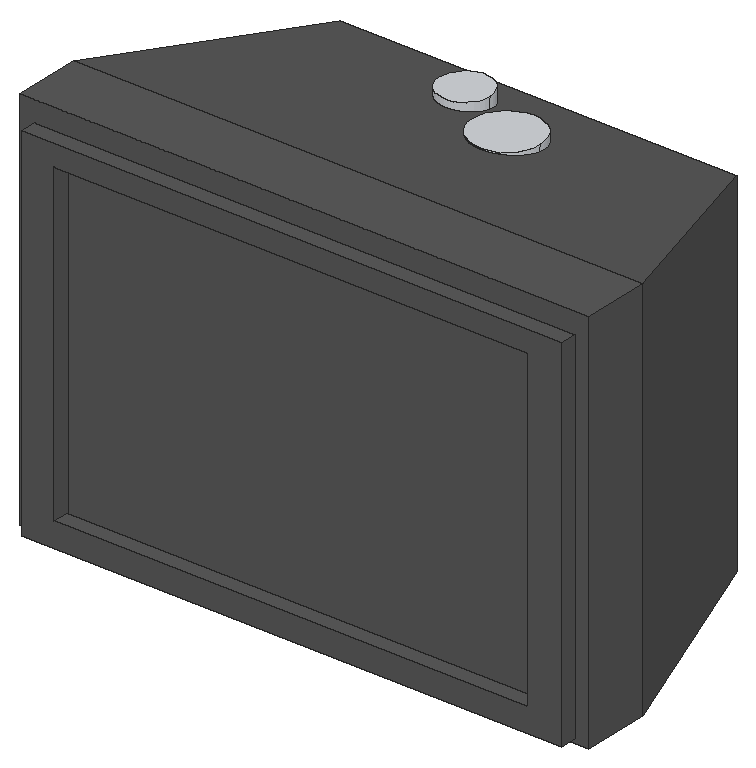
Revit family "DVCP34BN91", category Generic Models, Revit 2023
Family settings
  Can host rebar = No
  Round Connector Dimension = Use Diameter
  Part Type = Normal
  Work Plane-Based = No
  Always vertical = Yes
  Cut with Voids When Loaded = No
  Maintain Annotation Orientation = No
  Shared = No
  Room Calculation Point = No
Parameters
  URL = "https://www.montigo.com/"
  Model = ""
  Manufacturer Fax = ""
  Manufacturer Website = "https://www.montigo.com/"
  Manufacturer Phone - Toll Free = "800-378-3115"
  Manufacturer Phone = ""
  Manufacturer Address = "27342 Gloucester Way  Langley, BC, Canada   V4W 4A1"
  Manufacturer = "Montigo"
  Keynote = ""
  Glazing Tint = Glass - Montigo - Tint as Specified
  Frame Material = Metal - Montigo - Black
  Firebox Material = Metal - Montigo - White
  Description = "Montigo Fireplace as Specified"
  Default Elevation = 0"
Reference planes (in)
  plane 1 "Center (Front/Back)": y = 0
  plane 2: z = 0
  plane 3 "Center (Left/Right)": x = 0
Forms (in)
  Extrusion 1, solid, material "Metal - Montigo - Black" <- "Frame Material"
    sketch origin (-48.73158, 48.19523, 0) x (1, 0, 0) y (0, 1, 0)
      loop
        line (31.76283, -48.19523) -> (65.70033, -48.19523) -> (65.70033, -44.19523) -> (60.57533, -30.75773) -> (36.88783, -30.75773) -> (31.76283, -44.19523) -> (31.76283, -48.19523)
    from 0 to 23.0625
  Extrusion 2, solid, material "Metal - Montigo - Black" <- "Frame Material"
    sketch origin (0, 0, 0) x (1, 0, 0) y (0, 1, 0)
      loop
        line (-16.06788, -1) -> (16.14831, -1) -> (16.14831, 0) -> (-16.06788, 0) -> (-16.06788, -1)
    from 0.21394 to 21.81932
  Extrusion 3, void
    sketch origin (19.1875, -6.15625, 0) x (-1, 0, 0) y (0, 0, -1)
      loop
        line (33.3125, -20.58926) -> (33.3125, -1.6504) -> (5.0625, -1.6504) -> (5.0625, -20.58926) -> (33.3125, -20.58926)
    from -6.15625 to -5.15625
  Extrusion 4, void
    sketch origin (0, 0, 0) x (0, 1, 0) y (0, 0, 1)
      loop
        line (4, 23.0625) -> (17.4375, 21.125) -> (17.4375, 23.0625) -> (4, 23.0625)
    from -23.76683 to 24.35339
  Extrusion 5, solid
    sketch origin (0, 0, 0) x (1, 0, 0) y (0, 1, 0)
      loop
        circle (-2.21875, 14.75) r 1.5
    from 22.14387 to 21.125
  Extrusion 6, solid
    sketch origin (0, 0, 0) x (1, 0, 0) y (0, 1, 0)
      loop
        circle (1.96875, 12.625) r 2
    from 22.14387 to 20.58926
Cuts and joins
  Extrusion 4 cuts Extrusion 1
  Extrusion 3 cuts Extrusion 2
Lines and regions (in)
  symbolic lines
    curve 1: line (129.0333, -6.15625, 107.49519) -> (129.0333, -6.15625, 106.74519)
    curve 2: line (0, 17.4375, 0) -> (0, 17.4375, 21.125)
    curve 3: line (0, 17.4375, 21.125) -> (0, 4, 23.0625)
  reference lines
    curve 4: line (-2.21875, 16.25, 0) -> (-2.21875, 13.25, 0)
    curve 5: line (-3.71875, 14.75, 0) -> (-0.71875, 14.75, 0)
    curve 6: line (1.96875, 14.625, 0) -> (1.96875, 10.625, 0)
    curve 7: line (-0.03125, 12.625, 0) -> (3.96875, 12.625, 0)
Dimensions and locks (in)
  aligned and locked: level to plane 2
Connectors (in)
  hvac at (-2.21875, 14.75, 22.14387)
    settings: on Extrusion 5, index 1, duct flow 0.0 L/s, flow factor 0, pres drop 0.0 Pa, loss coef 0, conn angle 0.00°, conn width 304.8 mm, conn height 304.8 mm, conn diameter 76.2 mm, duct sys type 1, conn prof type 0, flow config 0, flow direction 0, loss method 0, conn ref index -1, conn util no, is conn primary yes, conn desc ""
  hvac at (1.96875, 12.625, 22.14387)
    settings: on Extrusion 6, index 2, duct flow 0.0 L/s, flow factor 0, pres drop 0.0 Pa, loss coef 0, conn angle 0.00°, conn width 304.8 mm, conn height 304.8 mm, conn diameter 101.6 mm, duct sys type 1, conn prof type 0, flow config 0, flow direction 0, loss method 0, conn ref index -1, conn util no, is conn primary no, conn desc ""
